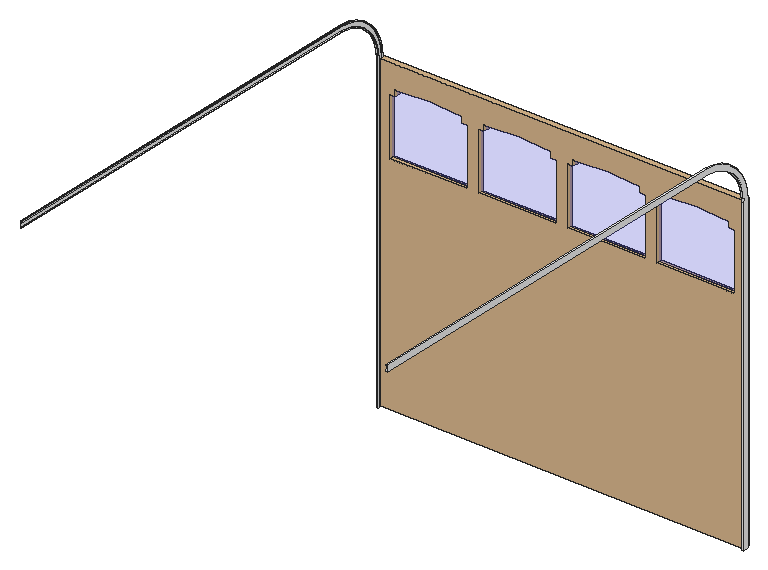
Revit family
Parameters
  Track Width = Width + 0' 2"  # 8' - 2"
  Track Height = Height + 1' 0"  # 8' - 0"
  Track Depth = 10' - 0"
  SmartBIM Object Version = 1  # constant formula
  SmartBIM Object Created By = "Reed Construction Data"  # constant formula
  Rough Width = 0' - 0"
  Rough Height = 0' - 0"
  Panel Thickness = 0' - 1 1/2"
  Manufacturer = ""
  Height = 7' - 0"
  Wall Closure = (empty or 0)
  Width = 8' - 0"
  Door Glass = Glass
  Door = Wood
  95 CSI = "08360"  # constant formula
  04 CSI = "08 36 13"  # constant formula
Reference planes (in)
  plane 1 "Center (Front/Back)": y = 0
  plane 2 "Center (Left/Right)": x = 0
  plane 3 "Left": x = -48
  plane 4 "Right": x = 48
  plane 5 "Top": z = 84
  plane 6: x = -49
  plane 7: x = 49
  plane 8: y = -3.25
  plane 9: z = 60.75
  plane 10: z = 20.25
  plane 11: z = 40.5
  plane 12: z = 81
  plane 13: x = 24
  plane 14: x = -24
  plane 15: y = -2.5
  plane 16: y = -2.5
  plane 17 "Ext": y = -3.25
  plane 18: y = -2.5
  plane 19 "Int": y = -1.75
  plane 20: x = -72
  plane 21: x = -24
  plane 22: x = 24
  plane 23: x = 72
  plane 24: z = 78
  plane 25: x = 27
  plane 26: x = 21
  plane 27: x = 19.5
  plane 28: x = 28.5
  plane 29: x = 3
  plane 30: x = -3
  plane 31: x = -4.5
  plane 32: x = 4.5
  plane 33: x = -21
  plane 34: x = -27
  plane 35: x = -28.5
  plane 36: x = -19.5
  plane 37: x = -46.5
  plane 38: x = -45
  plane 39: x = -43.5
  plane 40: x = 46.5
  plane 41: x = 45
  plane 42: x = 43.5
  plane 43: z = 76.25
  plane 44: z = 77.75
Forms (in)
  Extrusion 1, solid, material "Wood" <- "Door"
    sketch origin (0, 0, 0) x (1, 0, 0) y (0, 0, 1)
      loop
        line (-49, 84) -> (-49, 0) -> (49, 0) -> (49, 84) -> (-49, 84)
      loop
        line (25.5, 76.25) -> (25.5, 60.75) -> (46.5, 60.75) -> (46.5, 76.25) -> (45, 76.25) -> (45, 77.75) -> (43.5, 77.75)
        arc (43.5, 77.75) -> (36, 78.24237) -> (28.5, 77.75) r 57.36737
        line (28.5, 77.75) -> (27, 77.75) -> (27, 76.25) -> (25.5, 76.25)
      loop
        line (22.5, 60.75) -> (22.5, 76.25) -> (21, 76.25) -> (21, 77.75) -> (19.5, 77.75)
        arc (19.5, 77.75) -> (12, 78.24237) -> (4.5, 77.75) r 57.36737
        line (4.5, 77.75) -> (3, 77.75) -> (3, 76.25) -> (1.5, 76.25) -> (1.5, 60.75) -> (22.5, 60.75)
      loop
        line (-1.5, 60.75) -> (-1.5, 76.25) -> (-3, 76.25) -> (-3, 77.75) -> (-4.5, 77.75)
        arc (-4.5, 77.75) -> (-12, 78.24237) -> (-19.5, 77.75) r 57.36737
        line (-19.5, 77.75) -> (-21, 77.75) -> (-21, 76.25) -> (-22.5, 76.25) -> (-22.5, 60.75) -> (-1.5, 60.75)
      loop
        line (-25.5, 60.75) -> (-25.5, 76.25) -> (-27, 76.25) -> (-27, 77.75) -> (-28.5, 77.75)
        arc (-28.5, 77.75) -> (-36, 78.24237) -> (-43.5, 77.75) r 57.36737
        line (-43.5, 77.75) -> (-45, 77.75) -> (-45, 76.25) -> (-46.5, 76.25) -> (-46.5, 60.75) -> (-25.5, 60.75)
    from 1.75 to 3.25
  Extrusion 2, solid, material "Glass" <- "Door Glass"
    sketch origin (0, 0, 0) x (1, 0, 0) y (0, 0, 1)
      loop
        arc (43.5, 77.75) -> (36, 78.24237) -> (28.5, 77.75) r 57.36737
        line (28.5, 77.75) -> (27, 77.75) -> (27, 76.25) -> (25.5, 76.25) -> (25.5, 60.75) -> (46.5, 60.75) -> (46.5, 76.25) -> (45, 76.25) -> (45, 77.75) -> (43.5, 77.75)
      loop
        arc (19.5, 77.75) -> (12, 78.24237) -> (4.5, 77.75) r 57.36737
        line (4.5, 77.75) -> (3, 77.75) -> (3, 76.25) -> (1.5, 76.25) -> (1.5, 60.75) -> (22.5, 60.75) -> (22.5, 76.25) -> (21, 76.25) -> (21, 77.75) -> (19.5, 77.75)
      loop
        arc (-4.5, 77.75) -> (-12, 78.24237) -> (-19.5, 77.75) r 57.36737
        line (-19.5, 77.75) -> (-21, 77.75) -> (-21, 76.25) -> (-22.5, 76.25) -> (-22.5, 60.75) -> (-1.5, 60.75) -> (-1.5, 76.25) -> (-3, 76.25) -> (-3, 77.75) -> (-4.5, 77.75)
      loop
        arc (-28.5, 77.75) -> (-36, 78.24237) -> (-43.5, 77.75) r 57.36737
        line (-43.5, 77.75) -> (-45, 77.75) -> (-45, 76.25) -> (-46.5, 76.25) -> (-46.5, 60.75) -> (-25.5, 60.75) -> (-25.5, 76.25) -> (-27, 76.25) -> (-27, 77.75) -> (-28.5, 77.75)
    from 2.375 to 2.625
Lines and regions (in)
  Opening 1
    outline origin (-90, -1.75, 0) x (1, 0, 0) y (0, 0, 1)
      loop
        line (42, 0) -> (138, 0) -> (138, 84) -> (42, 84) -> (42, 0)
  model lines
    curve 1: line (25.5, -3.25, 59.25) -> (25.5, -3.25, 42)
    curve 2: line (25.5, -3.25, 42) -> (46.5, -3.25, 42)
    curve 3: line (46.5, -3.25, 42) -> (46.5, -3.25, 59.25)
    curve 4: line (46.5, -3.25, 59.25) -> (25.5, -3.25, 59.25)
    curve 5: line (45, -3.25, 57.75) -> (27, -3.25, 57.75)
    curve 6: line (27, -3.25, 57.75) -> (27, -3.25, 43.5)
    curve 7: line (27, -3.25, 43.5) -> (45, -3.25, 43.5)
    curve 8: line (45, -3.25, 43.5) -> (45, -3.25, 57.75)
    curve 9: line (1.5, -3.25, 59.25) -> (1.5, -3.25, 42)
    curve 10: line (1.5, -3.25, 42) -> (22.5, -3.25, 42)
    curve 11: line (22.5, -3.25, 42) -> (22.5, -3.25, 59.25)
    curve 12: line (22.5, -3.25, 59.25) -> (1.5, -3.25, 59.25)
    curve 13: line (21, -3.25, 57.75) -> (3, -3.25, 57.75)
    curve 14: line (3, -3.25, 57.75) -> (3, -3.25, 43.5)
    curve 15: line (3, -3.25, 43.5) -> (21, -3.25, 43.5)
    curve 16: line (21, -3.25, 43.5) -> (21, -3.25, 57.75)
    curve 17: line (-1.5, -3.25, 59.25) -> (-1.5, -3.25, 42)
    curve 18: line (-1.5, -3.25, 42) -> (-22.5, -3.25, 42)
    curve 19: line (-22.5, -3.25, 42) -> (-22.5, -3.25, 59.25)
    curve 20: line (-22.5, -3.25, 59.25) -> (-1.5, -3.25, 59.25)
    curve 21: line (-21, -3.25, 57.75) -> (-3, -3.25, 57.75)
    curve 22: line (-3, -3.25, 57.75) -> (-3, -3.25, 43.5)
    curve 23: line (-3, -3.25, 43.5) -> (-21, -3.25, 43.5)
    curve 24: line (-21, -3.25, 43.5) -> (-21, -3.25, 57.75)
    curve 25: line (-46.5, -3.25, 59.25) -> (-46.5, -3.25, 42)
    curve 26: line (-46.5, -3.25, 42) -> (-25.5, -3.25, 42)
    curve 27: line (-25.5, -3.25, 42) -> (-25.5, -3.25, 59.25)
    curve 28: line (-25.5, -3.25, 59.25) -> (-46.5, -3.25, 59.25)
    curve 29: line (-27, -3.25, 57.75) -> (-45, -3.25, 57.75)
    curve 30: line (-45, -3.25, 57.75) -> (-45, -3.25, 43.5)
    curve 31: line (-45, -3.25, 43.5) -> (-27, -3.25, 43.5)
    curve 32: line (-27, -3.25, 43.5) -> (-27, -3.25, 57.75)
    curve 33: line (-46.5, -3.25, 39) -> (-46.5, -3.25, 21.75)
    curve 34: line (-46.5, -3.25, 21.75) -> (-25.5, -3.25, 21.75)
    curve 35: line (-25.5, -3.25, 21.75) -> (-25.5, -3.25, 39)
    curve 36: line (-25.5, -3.25, 39) -> (-46.5, -3.25, 39)
    curve 37: line (-27, -3.25, 37.5) -> (-45, -3.25, 37.5)
    curve 38: line (-45, -3.25, 37.5) -> (-45, -3.25, 23.25)
    curve 39: line (-45, -3.25, 23.25) -> (-27, -3.25, 23.25)
    curve 40: line (-27, -3.25, 23.25) -> (-27, -3.25, 37.5)
    curve 41: line (-22.5, -3.25, 39) -> (-22.5, -3.25, 21.75)
    curve 42: line (-22.5, -3.25, 21.75) -> (-1.5, -3.25, 21.75)
    curve 43: line (-1.5, -3.25, 21.75) -> (-1.5, -3.25, 39)
    curve 44: line (-1.5, -3.25, 39) -> (-22.5, -3.25, 39)
    curve 45: line (-3, -3.25, 37.5) -> (-21, -3.25, 37.5)
    curve 46: line (-21, -3.25, 37.5) -> (-21, -3.25, 23.25)
    curve 47: line (-21, -3.25, 23.25) -> (-3, -3.25, 23.25)
    curve 48: line (-3, -3.25, 23.25) -> (-3, -3.25, 37.5)
    curve 49: line (22.5, -3.25, 39) -> (22.5, -3.25, 21.75)
    curve 50: line (22.5, -3.25, 21.75) -> (1.5, -3.25, 21.75)
    curve 51: line (1.5, -3.25, 21.75) -> (1.5, -3.25, 39)
    curve 52: line (1.5, -3.25, 39) -> (22.5, -3.25, 39)
    curve 53: line (3, -3.25, 37.5) -> (21, -3.25, 37.5)
    curve 54: line (21, -3.25, 37.5) -> (21, -3.25, 23.25)
    curve 55: line (21, -3.25, 23.25) -> (3, -3.25, 23.25)
    curve 56: line (3, -3.25, 23.25) -> (3, -3.25, 37.5)
    curve 57: line (25.5, -3.25, 39) -> (25.5, -3.25, 21.75)
    curve 58: line (25.5, -3.25, 21.75) -> (46.5, -3.25, 21.75)
    curve 59: line (46.5, -3.25, 21.75) -> (46.5, -3.25, 39)
    curve 60: line (46.5, -3.25, 39) -> (25.5, -3.25, 39)
    curve 61: line (45, -3.25, 37.5) -> (27, -3.25, 37.5)
    curve 62: line (27, -3.25, 37.5) -> (27, -3.25, 23.25)
    curve 63: line (27, -3.25, 23.25) -> (45, -3.25, 23.25)
    curve 64: line (45, -3.25, 23.25) -> (45, -3.25, 37.5)
    curve 65: line (-46.5, -3.25, 1.5) -> (-46.5, -3.25, 18.75)
    curve 66: line (-46.5, -3.25, 18.75) -> (-25.5, -3.25, 18.75)
    curve 67: line (-25.5, -3.25, 18.75) -> (-25.5, -3.25, 1.5)
    curve 68: line (-25.5, -3.25, 1.5) -> (-46.5, -3.25, 1.5)
    curve 69: line (-27, -3.25, 3) -> (-45, -3.25, 3)
    curve 70: line (-45, -3.25, 3) -> (-45, -3.25, 17.25)
    curve 71: line (-45, -3.25, 17.25) -> (-27, -3.25, 17.25)
    curve 72: line (-27, -3.25, 17.25) -> (-27, -3.25, 3)
    curve 73: line (-1.5, -3.25, 1.5) -> (-1.5, -3.25, 18.75)
    curve 74: line (-1.5, -3.25, 18.75) -> (-22.5, -3.25, 18.75)
    curve 75: line (-22.5, -3.25, 18.75) -> (-22.5, -3.25, 1.5)
    curve 76: line (-22.5, -3.25, 1.5) -> (-1.5, -3.25, 1.5)
    curve 77: line (-21, -3.25, 3) -> (-3, -3.25, 3)
    curve 78: line (-3, -3.25, 3) -> (-3, -3.25, 17.25)
    curve 79: line (-3, -3.25, 17.25) -> (-21, -3.25, 17.25)
    curve 80: line (-21, -3.25, 17.25) -> (-21, -3.25, 3)
    curve 81: line (1.5, -3.25, 1.5) -> (1.5, -3.25, 18.75)
    curve 82: line (1.5, -3.25, 18.75) -> (22.5, -3.25, 18.75)
    curve 83: line (22.5, -3.25, 18.75) -> (22.5, -3.25, 1.5)
    curve 84: line (22.5, -3.25, 1.5) -> (1.5, -3.25, 1.5)
    curve 85: line (21, -3.25, 3) -> (3, -3.25, 3)
    curve 86: line (3, -3.25, 3) -> (3, -3.25, 17.25)
    curve 87: line (3, -3.25, 17.25) -> (21, -3.25, 17.25)
    curve 88: line (21, -3.25, 17.25) -> (21, -3.25, 3)
    curve 89: line (46.5, -3.25, 1.5) -> (46.5, -3.25, 18.75)
    curve 90: line (46.5, -3.25, 18.75) -> (25.5, -3.25, 18.75)
    curve 91: line (25.5, -3.25, 18.75) -> (25.5, -3.25, 1.5)
    curve 92: line (25.5, -3.25, 1.5) -> (46.5, -3.25, 1.5)
    curve 93: line (27, -3.25, 3) -> (45, -3.25, 3)
    curve 94: line (45, -3.25, 3) -> (45, -3.25, 17.25)
    curve 95: line (45, -3.25, 17.25) -> (27, -3.25, 17.25)
    curve 96: line (27, -3.25, 17.25) -> (27, -3.25, 3)
    curve 97: line (25.5, -1.75, 59.25) -> (25.5, -1.75, 42)
    curve 98: line (25.5, -1.75, 42) -> (46.5, -1.75, 42)
    curve 99: line (46.5, -1.75, 42) -> (46.5, -1.75, 59.25)
    curve 100: line (46.5, -1.75, 59.25) -> (25.5, -1.75, 59.25)
    curve 101: line (45, -1.75, 57.75) -> (27, -1.75, 57.75)
    curve 102: line (27, -1.75, 57.75) -> (27, -1.75, 43.5)
    curve 103: line (27, -1.75, 43.5) -> (45, -1.75, 43.5)
    curve 104: line (45, -1.75, 43.5) -> (45, -1.75, 57.75)
    curve 105: line (1.5, -1.75, 59.25) -> (1.5, -1.75, 42)
    curve 106: line (1.5, -1.75, 42) -> (22.5, -1.75, 42)
    curve 107: line (22.5, -1.75, 42) -> (22.5, -1.75, 59.25)
    curve 108: line (22.5, -1.75, 59.25) -> (1.5, -1.75, 59.25)
    curve 109: line (21, -1.75, 57.75) -> (3, -1.75, 57.75)
    curve 110: line (3, -1.75, 57.75) -> (3, -1.75, 43.5)
    curve 111: line (3, -1.75, 43.5) -> (21, -1.75, 43.5)
    curve 112: line (21, -1.75, 43.5) -> (21, -1.75, 57.75)
    curve 113: line (-1.5, -1.75, 59.25) -> (-1.5, -1.75, 42)
    curve 114: line (-1.5, -1.75, 42) -> (-22.5, -1.75, 42)
    curve 115: line (-22.5, -1.75, 42) -> (-22.5, -1.75, 59.25)
    curve 116: line (-22.5, -1.75, 59.25) -> (-1.5, -1.75, 59.25)
    curve 117: line (-21, -1.75, 57.75) -> (-3, -1.75, 57.75)
    curve 118: line (-3, -1.75, 57.75) -> (-3, -1.75, 43.5)
    curve 119: line (-3, -1.75, 43.5) -> (-21, -1.75, 43.5)
    curve 120: line (-21, -1.75, 43.5) -> (-21, -1.75, 57.75)
    curve 121: line (-46.5, -1.75, 59.25) -> (-46.5, -1.75, 42)
    curve 122: line (-46.5, -1.75, 42) -> (-25.5, -1.75, 42)
    curve 123: line (-25.5, -1.75, 42) -> (-25.5, -1.75, 59.25)
    curve 124: line (-25.5, -1.75, 59.25) -> (-46.5, -1.75, 59.25)
    curve 125: line (-27, -1.75, 57.75) -> (-45, -1.75, 57.75)
    curve 126: line (-45, -1.75, 57.75) -> (-45, -1.75, 43.5)
    curve 127: line (-45, -1.75, 43.5) -> (-27, -1.75, 43.5)
    curve 128: line (-27, -1.75, 43.5) -> (-27, -1.75, 57.75)
    curve 129: line (-46.5, -1.75, 39) -> (-46.5, -1.75, 21.75)
    curve 130: line (-46.5, -1.75, 21.75) -> (-25.5, -1.75, 21.75)
    curve 131: line (-25.5, -1.75, 21.75) -> (-25.5, -1.75, 39)
    curve 132: line (-25.5, -1.75, 39) -> (-46.5, -1.75, 39)
    curve 133: line (-27, -1.75, 37.5) -> (-45, -1.75, 37.5)
    curve 134: line (-45, -1.75, 37.5) -> (-45, -1.75, 23.25)
    curve 135: line (-45, -1.75, 23.25) -> (-27, -1.75, 23.25)
    curve 136: line (-27, -1.75, 23.25) -> (-27, -1.75, 37.5)
    curve 137: line (-22.5, -1.75, 39) -> (-22.5, -1.75, 21.75)
    curve 138: line (-22.5, -1.75, 21.75) -> (-1.5, -1.75, 21.75)
    curve 139: line (-1.5, -1.75, 21.75) -> (-1.5, -1.75, 39)
    curve 140: line (-1.5, -1.75, 39) -> (-22.5, -1.75, 39)
    curve 141: line (-3, -1.75, 37.5) -> (-21, -1.75, 37.5)
    curve 142: line (-21, -1.75, 37.5) -> (-21, -1.75, 23.25)
    curve 143: line (-21, -1.75, 23.25) -> (-3, -1.75, 23.25)
    curve 144: line (-3, -1.75, 23.25) -> (-3, -1.75, 37.5)
    curve 145: line (22.5, -1.75, 39) -> (22.5, -1.75, 21.75)
    curve 146: line (22.5, -1.75, 21.75) -> (1.5, -1.75, 21.75)
    curve 147: line (1.5, -1.75, 21.75) -> (1.5, -1.75, 39)
    curve 148: line (1.5, -1.75, 39) -> (22.5, -1.75, 39)
    curve 149: line (3, -1.75, 37.5) -> (21, -1.75, 37.5)
    curve 150: line (21, -1.75, 37.5) -> (21, -1.75, 23.25)
    curve 151: line (21, -1.75, 23.25) -> (3, -1.75, 23.25)
    curve 152: line (3, -1.75, 23.25) -> (3, -1.75, 37.5)
    curve 153: line (25.5, -1.75, 39) -> (25.5, -1.75, 21.75)
    curve 154: line (25.5, -1.75, 21.75) -> (46.5, -1.75, 21.75)
    curve 155: line (46.5, -1.75, 21.75) -> (46.5, -1.75, 39)
    curve 156: line (46.5, -1.75, 39) -> (25.5, -1.75, 39)
    curve 157: line (45, -1.75, 37.5) -> (27, -1.75, 37.5)
    curve 158: line (27, -1.75, 37.5) -> (27, -1.75, 23.25)
    curve 159: line (27, -1.75, 23.25) -> (45, -1.75, 23.25)
    curve 160: line (45, -1.75, 23.25) -> (45, -1.75, 37.5)
    curve 161: line (-46.5, -1.75, 1.5) -> (-46.5, -1.75, 18.75)
    curve 162: line (-46.5, -1.75, 18.75) -> (-25.5, -1.75, 18.75)
    curve 163: line (-25.5, -1.75, 18.75) -> (-25.5, -1.75, 1.5)
    curve 164: line (-25.5, -1.75, 1.5) -> (-46.5, -1.75, 1.5)
    curve 165: line (-27, -1.75, 3) -> (-45, -1.75, 3)
    curve 166: line (-45, -1.75, 3) -> (-45, -1.75, 17.25)
    curve 167: line (-45, -1.75, 17.25) -> (-27, -1.75, 17.25)
    curve 168: line (-27, -1.75, 17.25) -> (-27, -1.75, 3)
    curve 169: line (-1.5, -1.75, 1.5) -> (-1.5, -1.75, 18.75)
    curve 170: line (-1.5, -1.75, 18.75) -> (-22.5, -1.75, 18.75)
    curve 171: line (-22.5, -1.75, 18.75) -> (-22.5, -1.75, 1.5)
    curve 172: line (-22.5, -1.75, 1.5) -> (-1.5, -1.75, 1.5)
    curve 173: line (-21, -1.75, 3) -> (-3, -1.75, 3)
    curve 174: line (-3, -1.75, 3) -> (-3, -1.75, 17.25)
    curve 175: line (-3, -1.75, 17.25) -> (-21, -1.75, 17.25)
    curve 176: line (-21, -1.75, 17.25) -> (-21, -1.75, 3)
    curve 177: line (1.5, -1.75, 1.5) -> (1.5, -1.75, 18.75)
    curve 178: line (1.5, -1.75, 18.75) -> (22.5, -1.75, 18.75)
    curve 179: line (22.5, -1.75, 18.75) -> (22.5, -1.75, 1.5)
    curve 180: line (22.5, -1.75, 1.5) -> (1.5, -1.75, 1.5)
    curve 181: line (21, -1.75, 3) -> (3, -1.75, 3)
    curve 182: line (3, -1.75, 3) -> (3, -1.75, 17.25)
    curve 183: line (3, -1.75, 17.25) -> (21, -1.75, 17.25)
    curve 184: line (21, -1.75, 17.25) -> (21, -1.75, 3)
    curve 185: line (46.5, -1.75, 1.5) -> (46.5, -1.75, 18.75)
    curve 186: line (46.5, -1.75, 18.75) -> (25.5, -1.75, 18.75)
    curve 187: line (25.5, -1.75, 18.75) -> (25.5, -1.75, 1.5)
    curve 188: line (25.5, -1.75, 1.5) -> (46.5, -1.75, 1.5)
    curve 189: line (27, -1.75, 3) -> (45, -1.75, 3)
    curve 190: line (45, -1.75, 3) -> (45, -1.75, 17.25)
    curve 191: line (45, -1.75, 17.25) -> (27, -1.75, 17.25)
    curve 192: line (27, -1.75, 17.25) -> (27, -1.75, 3)
    curve 193: line (3, -1.75, 57.75) -> (1.5, -1.75, 59.25)
    curve 194: line (3, -1.75, 43.5) -> (1.5, -1.75, 42)
    curve 195: line (21, -1.75, 57.75) -> (22.5, -1.75, 59.25)
    curve 196: line (21, -1.75, 43.5) -> (22.5, -1.75, 42)
    curve 197: line (45, -1.75, 57.75) -> (46.5, -1.75, 59.25)
    curve 198: line (45, -1.75, 43.5) -> (46.5, -1.75, 42)
    curve 199: line (27, -1.75, 57.75) -> (25.5, -1.75, 59.25)
    curve 200: line (27, -1.75, 43.5) -> (25.5, -1.75, 42)
    curve 201: line (45, -1.75, 23.25) -> (46.5, -1.75, 21.75)
    curve 202: line (45, -1.75, 37.5) -> (46.5, -1.75, 39)
    curve 203: line (27, -1.75, 23.25) -> (25.5, -1.75, 21.75)
    curve 204: line (27, -1.75, 37.5) -> (25.5, -1.75, 39)
    curve 205: line (45, -1.75, 17.25) -> (46.5, -1.75, 18.75)
    curve 206: line (45, -1.75, 3) -> (46.5, -1.75, 1.5)
    curve 207: line (27, -1.75, 17.25) -> (25.5, -1.75, 18.75)
    curve 208: line (27, -1.75, 3) -> (25.5, -1.75, 1.5)
    curve 209: line (3, -1.75, 17.25) -> (1.5, -1.75, 18.75)
    curve 210: line (3, -1.75, 3) -> (1.5, -1.75, 1.5)
    curve 211: line (21, -1.75, 17.25) -> (22.5, -1.75, 18.75)
    curve 212: line (21, -1.75, 3) -> (22.5, -1.75, 1.5)
    curve 213: line (-3, -1.75, 17.25) -> (-1.5, -1.75, 18.75)
    curve 214: line (-3, -1.75, 3) -> (-1.5, -1.75, 1.5)
    curve 215: line (-21, -1.75, 17.25) -> (-22.5, -1.75, 18.75)
    curve 216: line (-21, -1.75, 3) -> (-22.5, -1.75, 1.5)
    curve 217: line (-45, -1.75, 17.25) -> (-46.5, -1.75, 18.75)
    curve 218: line (-45, -1.75, 3) -> (-46.5, -1.75, 1.5)
    curve 219: line (-27, -1.75, 17.25) -> (-25.5, -1.75, 18.75)
    curve 220: line (-27, -1.75, 3) -> (-25.5, -1.75, 1.5)
    curve 221: line (-45, -1.75, 23.25) -> (-46.5, -1.75, 21.75)
    curve 222: line (-45, -1.75, 37.5) -> (-46.5, -1.75, 39)
    curve 223: line (-27, -1.75, 23.25) -> (-25.5, -1.75, 21.75)
    curve 224: line (-27, -1.75, 37.5) -> (-25.5, -1.75, 39)
    curve 225: line (-3, -1.75, 23.25) -> (-1.5, -1.75, 21.75)
    curve 226: line (-3, -1.75, 37.5) -> (-1.5, -1.75, 39)
    curve 227: line (-21, -1.75, 23.25) -> (-22.5, -1.75, 21.75)
    curve 228: line (-21, -1.75, 37.5) -> (-22.5, -1.75, 39)
    curve 229: line (3, -1.75, 23.25) -> (1.5, -1.75, 21.75)
    curve 230: line (3, -1.75, 37.5) -> (1.5, -1.75, 39)
    curve 231: line (21, -1.75, 23.25) -> (22.5, -1.75, 21.75)
    curve 232: line (21, -1.75, 37.5) -> (22.5, -1.75, 39)
    curve 233: line (-3, -1.75, 57.75) -> (-1.5, -1.75, 59.25)
    curve 234: line (-3, -1.75, 43.5) -> (-1.5, -1.75, 42)
    curve 235: line (-21, -1.75, 57.75) -> (-22.5, -1.75, 59.25)
    curve 236: line (-21, -1.75, 43.5) -> (-22.5, -1.75, 42)
    curve 237: line (-45, -1.75, 57.75) -> (-46.5, -1.75, 59.25)
    curve 238: line (-45, -1.75, 43.5) -> (-46.5, -1.75, 42)
    curve 239: line (-27, -1.75, 57.75) -> (-25.5, -1.75, 59.25)
    curve 240: line (-27, -1.75, 43.5) -> (-25.5, -1.75, 42)
    curve 241: line (-45, -3.25, 57.75) -> (-46.5, -3.25, 59.25)
    curve 242: line (-27, -3.25, 57.75) -> (-25.5, -3.25, 59.25)
    curve 243: line (-45, -3.25, 43.5) -> (-46.5, -3.25, 42)
    curve 244: line (-27, -3.25, 43.5) -> (-25.5, -3.25, 42)
    curve 245: line (-3, -3.25, 57.75) -> (-1.5, -3.25, 59.25)
    curve 246: line (-21, -3.25, 57.75) -> (-22.5, -3.25, 59.25)
    curve 247: line (-3, -3.25, 43.5) -> (-1.5, -3.25, 42)
    curve 248: line (-21, -3.25, 43.5) -> (-22.5, -3.25, 42)
    curve 249: line (3, -3.25, 57.75) -> (1.5, -3.25, 59.25)
    curve 250: line (21, -3.25, 57.75) -> (22.5, -3.25, 59.25)
    curve 251: line (3, -3.25, 43.5) -> (1.5, -3.25, 42)
    curve 252: line (21, -3.25, 43.5) -> (22.5, -3.25, 42)
    curve 253: line (45, -3.25, 57.75) -> (46.5, -3.25, 59.25)
    curve 254: line (27, -3.25, 57.75) -> (25.5, -3.25, 59.25)
    curve 255: line (45, -3.25, 43.5) -> (46.5, -3.25, 42)
    curve 256: line (27, -3.25, 43.5) -> (25.5, -3.25, 42)
    curve 257: line (45, -3.25, 23.25) -> (46.5, -3.25, 21.75)
    curve 258: line (27, -3.25, 23.25) -> (25.5, -3.25, 21.75)
    curve 259: line (45, -3.25, 37.5) -> (46.5, -3.25, 39)
    curve 260: line (27, -3.25, 37.5) -> (25.5, -3.25, 39)
    curve 261: line (3, -3.25, 23.25) -> (1.5, -3.25, 21.75)
    curve 262: line (21, -3.25, 23.25) -> (22.5, -3.25, 21.75)
    curve 263: line (3, -3.25, 37.5) -> (1.5, -3.25, 39)
    curve 264: line (21, -3.25, 37.5) -> (22.5, -3.25, 39)
    curve 265: line (-3, -3.25, 23.25) -> (-1.5, -3.25, 21.75)
    curve 266: line (-21, -3.25, 23.25) -> (-22.5, -3.25, 21.75)
    curve 267: line (-3, -3.25, 37.5) -> (-1.5, -3.25, 39)
    curve 268: line (-21, -3.25, 37.5) -> (-22.5, -3.25, 39)
    curve 269: line (-45, -3.25, 23.25) -> (-46.5, -3.25, 21.75)
    curve 270: line (-27, -3.25, 23.25) -> (-25.5, -3.25, 21.75)
    curve 271: line (-45, -3.25, 37.5) -> (-46.5, -3.25, 39)
    curve 272: line (-27, -3.25, 37.5) -> (-25.5, -3.25, 39)
    curve 273: line (-45, -3.25, 17.25) -> (-46.5, -3.25, 18.75)
    curve 274: line (-27, -3.25, 17.25) -> (-25.5, -3.25, 18.75)
    curve 275: line (-45, -3.25, 3) -> (-46.5, -3.25, 1.5)
    curve 276: line (-27, -3.25, 3) -> (-25.5, -3.25, 1.5)
    curve 277: line (-3, -3.25, 17.25) -> (-1.5, -3.25, 18.75)
    curve 278: line (-21, -3.25, 17.25) -> (-22.5, -3.25, 18.75)
    curve 279: line (-3, -3.25, 3) -> (-1.5, -3.25, 1.5)
    curve 280: line (-21, -3.25, 3) -> (-22.5, -3.25, 1.5)
    curve 281: line (3, -3.25, 17.25) -> (1.5, -3.25, 18.75)
    curve 282: line (21, -3.25, 17.25) -> (22.5, -3.25, 18.75)
    curve 283: line (3, -3.25, 3) -> (1.5, -3.25, 1.5)
    curve 284: line (21, -3.25, 3) -> (22.5, -3.25, 1.5)
    curve 285: line (45, -3.25, 17.25) -> (46.5, -3.25, 18.75)
    curve 286: line (27, -3.25, 17.25) -> (25.5, -3.25, 18.75)
    curve 287: line (45, -3.25, 3) -> (46.5, -3.25, 1.5)
    curve 288: line (27, -3.25, 3) -> (25.5, -3.25, 1.5)
Text (in)
  text "Exterior" at (-74.96733, 27.31104, 0), in view "Ref. Level"
  text "Interior" at (-76.69036, -30.31274, 0), in view "Ref. Level"
  text "Exterior" at (0, 40.15149, 123.01588), in view "Right"
  text "Interior" at (0, -64.39139, 123.01588), in view "Right"
  text "Interior" at (0, -31.01599, 123.00693), in view "Left"
  text "Exterior" at (0, 54.57065, 123.00693), in view "Left"
Dimensions and locks (in)
  equal spacing: plane 3 "Left", plane 2 "Center (Left/Right)", plane 4 "Right"
  "Height": level to plane 5 "Top"
  "Width": plane 3 "Left" to plane 4 "Right"
  locked: plane 6 to plane 3 "Left" at 1
  locked: plane 4 "Right" to plane 7 at 1
  locked: plane 12 to plane 5 "Top" at 3
  equal spacing: level, plane 10, plane 11, plane 9, plane 12
  equal spacing: plane 2 "Center (Left/Right)", plane 13, plane 4 "Right"
  equal spacing: plane 2 "Center (Left/Right)", plane 14, plane 3 "Left"
  locked: Extrusion 2 to Extrusion 2 at 0.25  (x2)
  host wall to plane 15 to plane 8 = 0' - 0 3/4", 0' - 0 3/4"
  equal spacing: Extrusion 2, plane 16, Extrusion 2
  curve 5 to curve 4 to plane 9 = 0' - 1 1/2" locked, 0' - 1 1/2" locked
  plane 11 to curve 2 to curve 7 = 0' - 1 1/2" locked, 0' - 1 1/2" locked
  plane 11 to curve 36 to curve 37 = 0' - 1 1/2" locked, 0' - 1 1/2" locked
  curve 39 to curve 34 to plane 10 = 0' - 1 1/2" locked, 0' - 1 1/2" locked
  plane 10 to curve 66 to curve 71 = 0' - 1 1/2" locked, 0' - 1 1/2" locked
  curve 69 to curve 68 to level = 0' - 1 1/2" locked, 0' - 1 1/2" locked
  equal spacing: plane 17 "Ext", plane 18, plane 19 "Int"
  locked: curve 101 to curve 100 at 1.5
  locked: curve 98 to curve 103 at 1.5
  locked: curve 132 to curve 133 at 1.5
  locked: curve 135 to curve 130 at 1.5
  locked: curve 162 to curve 167 at 1.5
  locked: curve 165 to curve 164 at 1.5
  "Panel Thickness": plane 19 "Int" to plane 17 "Ext"
  locked: plane 24 to plane 12 at 3
  locked: plane 13 to plane 25 at 3
  locked: plane 26 to plane 13 at 3
  locked: plane 26 to plane 27 at 1.5
  locked: plane 25 to plane 28 at 1.5
  locked: plane 30 to plane 31 at 1.5
  locked: plane 29 to plane 32 at 1.5
  locked: plane 34 to plane 35 at 1.5
  locked: plane 33 to plane 36 at 1.5
  locked: plane 29 to plane 2 "Center (Left/Right)" at 3
  locked: plane 2 "Center (Left/Right)" to plane 30 at 3
  locked: plane 14 to plane 33 at 3
  locked: plane 34 to plane 14 at 3
  locked: plane 3 "Left" to plane 37 at 1.5
  locked: plane 37 to plane 38 at 1.5
  locked: plane 38 to plane 39 at 1.5
  locked: plane 40 to plane 41 at 1.5
  locked: plane 41 to plane 42 at 1.5
  locked: plane 40 to plane 4 "Right" at 1.5
  locked: plane 43 to plane 44 at 1.5
  locked: plane 44 to plane 24 at 0.25
  plane 24 to plane 12 = 0' - 3"
  locked: plane 13 to Extrusion 1 sketch curve at 1.5
  locked: Extrusion 1 sketch curve to plane 13 at 1.5
  locked: Extrusion 1 sketch curve to plane 2 "Center (Left/Right)" at 1.5
  locked: plane 2 "Center (Left/Right)" to Extrusion 1 sketch curve at 1.5
  locked: plane 14 to Extrusion 1 sketch curve at 1.5
  locked: Extrusion 1 sketch curve to plane 14 at 1.5
  aligned and locked: plane 3 "Left" to Opening 1 sketch curve
  aligned and locked: plane 5 "Top" to Opening 1 sketch curve  (x2)
  aligned and locked: Opening 1 sketch curve to plane 4 "Right"
  aligned and locked: Opening 1 sketch curve to level
  aligned and locked: Extrusion 1 sketch curve to plane 6
  aligned and locked: Extrusion 1 sketch curve to plane 7
  aligned and locked: Extrusion 1 sketch curve to level
  aligned and locked: Extrusion 1 sketch curve to host wall
  aligned and locked: plane 9 to Extrusion 1 sketch curve  (x3)
  aligned and locked: Extrusion 1 sketch curve to plane 9
  aligned and locked: plane 15 to plane 16
  aligned and locked: curve 30 to curve 38
  aligned and locked: curve 25 to curve 33
  aligned and locked: curve 40 to curve 32
  aligned and locked: curve 35 to curve 27
  aligned and locked: curve 19 to curve 41
  aligned and locked: curve 24 to curve 46
  aligned and locked: curve 44 to curve 36
  aligned and locked: curve 45 to curve 37
  aligned and locked: curve 39 to curve 47
  aligned and locked: curve 34 to curve 42
  aligned and locked: curve 48 to curve 22
  aligned and locked: curve 43 to curve 17
  aligned and locked: curve 44 to curve 52
  aligned and locked: curve 45 to curve 53
  aligned and locked: curve 55 to curve 47
  aligned and locked: curve 50 to curve 42
  aligned and locked: curve 51 to curve 9
  aligned and locked: curve 56 to curve 14
  aligned and locked: curve 11 to curve 49
  aligned and locked: curve 16 to curve 54
  aligned and locked: curve 60 to curve 52
  aligned and locked: curve 61 to curve 53
  aligned and locked: curve 55 to curve 63
  aligned and locked: curve 50 to curve 58
  aligned and locked: curve 1 to curve 57
  aligned and locked: curve 6 to curve 62
  aligned and locked: curve 64 to curve 8
  aligned and locked: curve 59 to curve 3
  aligned and locked: curve 65 to curve 33
  aligned and locked: curve 70 to curve 38
  aligned and locked: curve 40 to curve 72
  aligned and locked: curve 35 to curve 67
  aligned and locked: curve 68 to curve 76
  aligned and locked: curve 74 to curve 66
  aligned and locked: curve 41 to curve 75
  aligned and locked: curve 46 to curve 80
  aligned and locked: curve 78 to curve 48
  aligned and locked: curve 73 to curve 43
  aligned and locked: curve 81 to curve 51
  aligned and locked: curve 86 to curve 56
  aligned and locked: curve 54 to curve 88
  aligned and locked: curve 49 to curve 83
  aligned and locked: curve 74 to curve 82
  aligned and locked: curve 79 to curve 87
  aligned and locked: curve 84 to curve 76
  aligned and locked: curve 85 to curve 77
  aligned and locked: curve 90 to curve 82
  aligned and locked: curve 95 to curve 87
  aligned and locked: curve 84 to curve 92
  aligned and locked: curve 85 to curve 93
  aligned and locked: curve 57 to curve 91
  aligned and locked: curve 62 to curve 96
  aligned and locked: curve 94 to curve 64
  aligned and locked: curve 89 to curve 59
  aligned and locked: host wall to plane 19 "Int"
  aligned and locked: plane 16 to plane 18
  aligned and locked: plane 17 "Ext" to Extrusion 1
  aligned and locked: Extrusion 1 to host wall
  aligned and locked: curve 241 to curve 237
  aligned and locked: Extrusion 1 sketch curve to Extrusion 1 sketch curve  (x4)
  aligned and locked: Extrusion 2 sketch curve to Extrusion 1  (x40)
  aligned and locked: nested 1 to plane 2 "Center (Left/Right)"
  aligned and locked: nested 1 to plane 17 "Ext"
  aligned and locked: Extrusion 1 sketch curve to plane 40
  aligned and locked: Extrusion 1 sketch curve to plane 41
  aligned and locked: Extrusion 1 sketch curve to plane 44  (x2)
  aligned and locked: plane 28 to Extrusion 1 sketch curve
  aligned and locked: plane 25 to Extrusion 1 sketch curve
  aligned and locked: plane 44 to Extrusion 1 sketch curve  (x12)
  aligned and locked: Extrusion 1 sketch curve to plane 43  (x2)
  aligned and locked: Extrusion 1 sketch curve to plane 26
  aligned and locked: plane 27 to Extrusion 1 sketch curve
  aligned and locked: plane 29 to Extrusion 1 sketch curve
  aligned and locked: Extrusion 1 sketch curve to plane 30
  aligned and locked: plane 31 to Extrusion 1 sketch curve
  aligned and locked: plane 33 to Extrusion 1 sketch curve
  aligned and locked: plane 43 to Extrusion 1 sketch curve  (x2)
  aligned and locked: Extrusion 1 sketch curve to plane 34
  aligned and locked: plane 35 to Extrusion 1 sketch curve
  aligned and locked: plane 38 to Extrusion 1 sketch curve
  aligned and locked: Extrusion 1 sketch curve to plane 37
  aligned and locked: plane 42 to Extrusion 1 sketch curve
  aligned and locked: plane 32 to Extrusion 1 sketch curve
  aligned and locked: plane 36 to Extrusion 1 sketch curve
  aligned and locked: plane 39 to Extrusion 1 sketch curve
Automatic sketch dimensions
  curve 124 to plane 3 "Left" = 0' - 1 1/2"
  curve 222 to plane 3 "Left" = 0' - 1 1/2"
  curve 218 to plane 3 "Left" = 0' - 1 1/2"
  curve 161 to curve 217 = 0' - 1 1/2"
  curve 129 to curve 222 = 0' - 1 1/2"
  plane 14 to curve 135 = 0' - 3"
  plane 14 to curve 168 = 0' - 3"
  plane 14 to curve 128 = 0' - 3"
  plane 14 to curve 164 = 0' - 1 1/2"
  plane 14 to curve 224 = 0' - 1 1/2"
  curve 115 to plane 14 = 0' - 1 1/2"
  curve 216 to plane 14 = 0' - 1 1/2"
  curve 227 to plane 14 = 0' - 1 1/2"
  curve 137 to curve 142 = 0' - 1 1/2"
  curve 114 to curve 119 = 0' - 1 1/2"
  curve 171 to curve 173 = 0' - 1 1/2"
  curve 119 to plane 2 "Center (Left/Right)" = 0' - 3"
  curve 214 to plane 2 "Center (Left/Right)" = 0' - 3"
  curve 226 to plane 2 "Center (Left/Right)" = 0' - 3"
  curve 169 to plane 2 "Center (Left/Right)" = 0' - 1 1/2"
  curve 140 to plane 2 "Center (Left/Right)" = 0' - 1 1/2"
  plane 2 "Center (Left/Right)" to curve 194 = 0' - 1 1/2"
  plane 2 "Center (Left/Right)" to curve 230 = 0' - 1 1/2"
  plane 2 "Center (Left/Right)" to curve 210 = 0' - 1 1/2"
  curve 177 to curve 209 = 0' - 1 1/2"
  curve 147 to curve 152 = 0' - 1 1/2"
  plane 13 to curve 184 = 0' - 3"
  plane 13 to curve 196 = 0' - 3"
  plane 13 to curve 150 = 0' - 3"
  plane 13 to curve 212 = 0' - 1 1/2"
  plane 13 to curve 145 = 0' - 1 1/2"
  curve 203 to plane 13 = 0' - 1 1/2"
  curve 186 to plane 13 = 0' - 1 1/2"
  curve 200 to plane 13 = 0' - 1 1/2"
  curve 187 to curve 208 = 0' - 1 1/2"
  curve 153 to curve 159 = 0' - 1 1/2"
  plane 4 "Right" to curve 190 = 0' - 3"
  plane 4 "Right" to curve 197 = 0' - 3"
  plane 4 "Right" to curve 201 = 0' - 3"
  plane 4 "Right" to curve 205 = 0' - 1 1/2"
  plane 4 "Right" to curve 202 = 0' - 1 1/2"
  level to curve 169 = 0' - 1 1/2"
  level to curve 218 = 0' - 1 1/2"
  level to curve 212 = 0' - 1 1/2"
  level to curve 206 = 0' - 1 1/2"
  curve 177 to curve 210 = 0' - 1 1/2"
  curve 171 to curve 176 = 0' - 1 1/2"
  curve 185 to curve 190 = 0' - 1 1/2"
  curve 217 to plane 10 = 0' - 3"
  curve 205 to plane 10 = 0' - 3"
  curve 215 to plane 10 = 0' - 3"
  curve 209 to plane 10 = 0' - 3"
  curve 177 to plane 10 = 0' - 1 1/2"
  curve 207 to plane 10 = 0' - 1 1/2"
  curve 170 to plane 10 = 0' - 1 1/2"
  plane 10 to curve 201 = 0' - 1 1/2"
  plane 10 to curve 145 = 0' - 1 1/2"
  plane 10 to curve 129 = 0' - 1 1/2"
  plane 10 to curve 139 = 0' - 1 1/2"
  curve 145 to curve 231 = 0' - 1 1/2"
  curve 153 to curve 158 = 0' - 1 1/2"
  curve 138 to curve 144 = 0' - 1 1/2"
  curve 204 to plane 11 = 0' - 3"
  curve 226 to plane 11 = 0' - 3"
  curve 224 to plane 11 = 0' - 3"
  curve 230 to plane 11 = 0' - 3"
  curve 139 to plane 11 = 0' - 1 1/2"
  curve 145 to plane 11 = 0' - 1 1/2"
  curve 202 to plane 11 = 0' - 1 1/2"
  plane 11 to curve 107 = 0' - 1 1/2"
  plane 11 to curve 113 = 0' - 1 1/2"
  plane 11 to curve 121 = 0' - 1 1/2"
  plane 11 to curve 198 = 0' - 1 1/2"
  curve 122 to curve 240 = 0' - 1 1/2"
  curve 105 to curve 110 = 0' - 1 1/2"
  curve 113 to curve 118 = 0' - 1 1/2"
  curve 120 to plane 9 = 0' - 3"
  curve 125 to plane 9 = 0' - 3"
  curve 101 to plane 9 = 0' - 3"
  curve 112 to plane 9 = 0' - 3"
  curve 105 to plane 9 = 0' - 1 1/2"
  curve 113 to plane 9 = 0' - 1 1/2"
  curve 121 to plane 9 = 0' - 1 1/2"
  curve 19 to plane 14 = 0' - 1 1/2"
  curve 83 to curve 284 = 0' - 1 1/2"
  curve 286 to curve 90 = 0' - 1 1/2"
  plane 11 to curve 19 = 0' - 1 1/2"
  plane 11 to curve 25 = 0' - 1 1/2"
  plane 11 to curve 9 = 0' - 1 1/2"
  curve 26 to curve 32 = 0' - 1 1/2"
  curve 9 to curve 251 = 0' - 1 1/2"
  curve 18 to curve 248 = 0' - 1 1/2"
  curve 22 to plane 9 = 0' - 3"
  curve 13 to plane 9 = 0' - 3"
  curve 250 to plane 9 = 0' - 1 1/2"
  curve 246 to plane 9 = 0' - 1 1/2"
  plane 13 to curve 262 = 0' - 3"
  plane 13 to curve 11 = 0' - 1 1/2"
  plane 13 to curve 196 = 0' - 1 1/2"
  curve 97 to curve 101 = 0' - 1 1/2"
  curve 57 to plane 13 = 0' - 1 1/2"
  curve 91 to curve 288 = 0' - 1 1/2"
  curve 233 to plane 2 "Center (Left/Right)" = 0' - 1 1/2"
  curve 105 to curve 193 = 0' - 1 1/2"
  curve 78 to plane 2 "Center (Left/Right)" = 0' - 3"
  curve 42 to plane 2 "Center (Left/Right)" = 0' - 1 1/2"
  plane 2 "Center (Left/Right)" to curve 81 = 0' - 1 1/2"
  curve 81 to curve 283 = 0' - 1 1/2"
  plane 14 to curve 124 = 0' - 1 1/2"
  plane 14 to curve 40 = 0' - 3"
  plane 14 to curve 28 = 0' - 1 1/2"
  curve 41 to curve 46 = 0' - 1 1/2"
  curve 121 to curve 127 = 0' - 1 1/2"
  curve 29 to plane 3 "Left" = 0' - 3"
  curve 36 to plane 3 "Left" = 0' - 1 1/2"
  plane 4 "Right" to curve 198 = 0' - 1 1/2"
  plane 4 "Right" to curve 94 = 0' - 3"
  plane 4 "Right" to curve 59 = 0' - 1 1/2"
  plane 10 to Extrusion 1 sketch curve = 0' - 0 5/8"  (x4)
  Extrusion 1 sketch curve to plane 24 = 0' - 1 3/4"  (x2)
Nested families (in)
  nested 1: "Door Track" at (-0.5, -64, 0), Width <- "Track Width", Height <- "Track Height", Depth <- "Track Depth", type "Door Track"
    with Width 8' - 2", Height 8' - 0", Depth 10' - 0"
Definition of nested family "Door Track"
  Parameters
    Width [instance] = 10' - 0"
    Track = Metal
    Height [instance] = 11' - 0"
    Depth [instance] = 10' - 0"
  Reference planes (in)
    plane 1 "Center (Front/Back)": y = 0
    plane 2: z = 0
    plane 3 "Center (Left/Right)": x = 0.5
    plane 4 "Back": y = 60
    plane 5 "Front": y = -60
    plane 6 "Left": x = -59.5
    plane 7 "Right": x = 60.5
    plane 8 "Top": z = 132
    plane 9 "Center (Up/Down)": z = 66
    plane 10: y = 60.75
    plane 11: y = 61.5
  Forms (in)
    Sweep 1, solid, material "Metal" <- "Track"
      path origin (60.5, 60, 48) x (0, 1, 0) y (0, 0, 1)
        loop
          line (0, -48) -> (0, 72)
          arc (0, 72) -> (-3.51472, 80.48528) -> (-12, 84) r 12
          line (-12, 84) -> (-120, 84)
      profile origin (60.5, -6, 132) x (0, 0, -1) y (1, 0, 0)
        loop
          line (-1.5, 0) -> (-1.375, 0) -> (-1.375, 0.375) -> (-0.125, 0.375) -> (-0.125, 0) -> (0, 0) -> (0, 0.5) -> (-1.5, 0.5) -> (-1.5, 0)
    Sweep 2, solid, material "Metal" <- "Track"
      path origin (-59.5, 60, 48) x (0, 1, 0) y (0, 0, 1)
        loop
          line (0, -48) -> (0, 72)
          arc (0, 72) -> (-3.51472, 80.48528) -> (-12, 84) r 12
          line (-12, 84) -> (-120, 84)
      profile origin (-59.5, -6, 132) x (0, 0, -1) y (1, 0, 0)
        loop
          line (-1.5, 0) -> (-1.5, -0.5) -> (0, -0.5) -> (0, 0) -> (-0.125, 0) -> (-0.125, -0.375) -> (-1.375, -0.375) -> (-1.375, 0) -> (-1.5, 0)
  Dimensions and locks (in)
    equal spacing: plane 6 "Left", plane 3 "Center (Left/Right)", plane 7 "Right"
    "Width": plane 6 "Left" to plane 7 "Right"
    equal spacing: plane 4 "Back", plane 1 "Center (Front/Back)", plane 5 "Front"
    "Depth": plane 4 "Back" to plane 5 "Front"
    "Height": plane 8 "Top" to plane 2
    equal spacing: plane 8 "Top", plane 9 "Center (Up/Down)", level
    locked: Sweep 2 sketch curve to Sweep 2 sketch curve at 0.125  (x3)
    locked: Sweep 2 sketch curve to Sweep 2 sketch curve at 0.5  (x2)
    locked: Sweep 2 sketch curve to Sweep 2 sketch curve at 1.5
    locked: Sweep 1 sketch curve to Sweep 1 sketch curve at 0.5  (x2)
    locked: Sweep 1 sketch curve to Sweep 1 sketch curve at 0.125  (x3)
    locked: Sweep 1 sketch curve to Sweep 1 sketch curve at 1.5
    equal spacing: plane 4 "Back", plane 10, plane 11
    locked: plane 10 to plane 11 at 0.75
    radius of Sweep 1 sketch curve = 1' - 0"
    radius of Sweep 2 sketch curve = 1' - 0"
    aligned and locked: plane 8 "Top" to Sweep 1 sketch curve  (x2)
    aligned and locked: plane 5 "Front" to Sweep 1 sketch curve
    aligned and locked: plane 4 "Back" to Sweep 1 sketch curve
    aligned and locked: plane 4 "Back" to Sweep 2 sketch curve
    aligned and locked: plane 5 "Front" to Sweep 2 sketch curve
    aligned and locked: level to Sweep 2 sketch curve
    aligned and locked: Sweep 2 sketch curve to profile plane  (x2)
    aligned and locked: Sweep 1 sketch curve to profile plane
    aligned and locked: plane 11 to Sweep 1
  Automatic sketch dimensions
    Sweep 1 sketch curve to level = 0' - 0"
    Sweep 2 sketch curve to plane 8 "Top" = 0' - 0"
